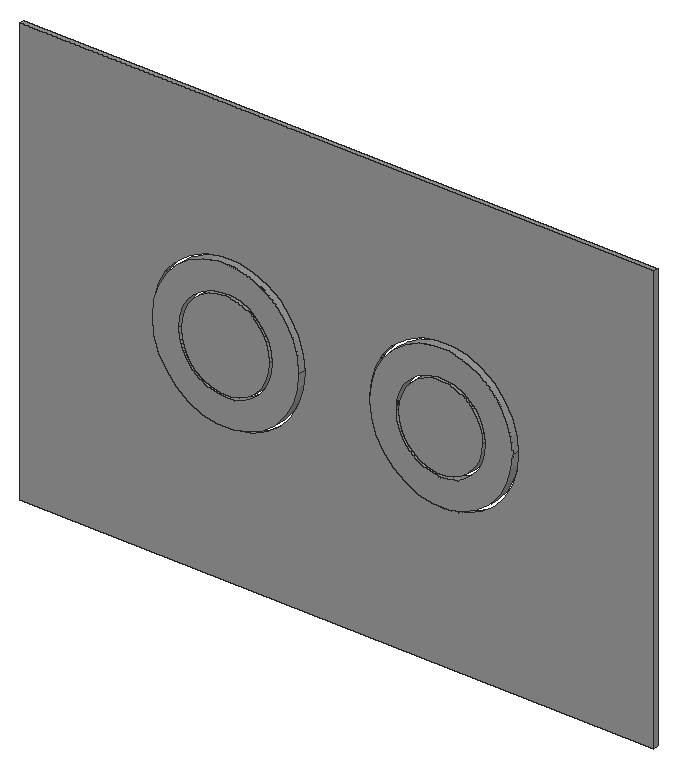
Revit family "TREND_215x145x2", category Plumbing Fixtures, Revit 2018
Family settings
  Round Connector Dimension = Use Diameter
  Part Type = Normal
  OmniClass Number = 23.45.00.00
  OmniClass Title = Sanitary, Laundry, and Cleaning Equipment
  Work Plane-Based = Yes
  Always vertical = Yes
  Cut with Voids When Loaded = No
  Shared = No
  Room Calculation Point = No
Parameters (values of type "Mécanique_Inox Brossé")
  aux [instance] = if(FRAME_OLI, 0.0 mm, 1000.0 mm)  # 1000.0 mm
  VERTICAL = yes
  URL = "https://www.regiplast.fr/blog/articles/plaques-de-commande/"
  Product data url = "https://www.regiplast.fr/blog/articles/plaques-de-commande/"
  Model = CONTROL_Model  # "TREND "
  Manufacturer = ""
  HORIZONTAL = no
  FRAME_OLI [instance] = no
  Description = CONTROL_Brief description  # "Plaque de commande en inox chromé"
  Default Elevation = 1219.2 mm
  CONTROL_Width = 17.0 mm
  CONTROL_Vandal-proof = "Oui"  # constant formula
  CONTROL_Type/function = "Plaque de Commande pour réservoir à encastrer"  # constant formula
  CONTROL_Type of flush = "Double-Débit"  # constant formula
  OLI_Material [instance] = Inox Brossé
  CONTROL_Product data url = "https://www.regiplast.fr/blog/articles/plaques-de-commande/"
  CONTROL_Model code/ref = "1626IB"
  CONTROL_Model Series = "Inox Brossé"
  CONTROL_Model = "TREND "  # constant formula
  CONTROL_Material = "Zamac chromée Mate"
  CONTROL_Length = 243.0 mm
  CONTROL_Installation instructions = "http://www.oli-world.com/download.php?fo=1586&l=en&key=a5690fd0da05cedf93a5bb9c39fb89ac"
  CONTROL_Height = 163.0 mm
  CONTROL_Brief description = "Plaque de commande en inox chromé"  # constant formula
  CONTROL_Actuation type = "Mécanique"
  BIM object developer = "www.concepsysbim.com"
Types (2, lengths in mm): name | CONTROL_Width | OLI_Material | CONTROL_Model code/ref | CONTROL_Model Series | CONTROL_Material | CONTROL_Length | CONTROL_Installation instructions | CONTROL_Height | CONTROL_Actuation type
  Pneumatique_Inox chromé | 2.0 | Inox chromé | "1626IC" | "Inox chromé" | "Inox brossé" | 215.0 | "http://www.oli-world.com/download.php?fo=1585&l=en&key=3bffe70b8bc716f3ae386a1322109819" | 145.0 | "Pneumatique"
  Mécanique_Inox Brossé | 17.0 | Inox Brossé | "1626IB" | "Inox Brossé" | "Zamac chromée Mate" | 243.0 | "http://www.oli-world.com/download.php?fo=1586&l=en&key=a5690fd0da05cedf93a5bb9c39fb89ac" | 163.0 | "Mécanique"
Reference planes
  plane 1 "Center (Front/Back)": y = 0
  plane 2: z = 0
  plane 3 "Center (Left/Right)": x = 0
  plane 4: y = -17
  plane 5: z = 1000
Dimensions and locks
  "CONTROL_Width": plane 1 "Center (Front/Back)" to plane 4
  aligned and locked: level to plane 2
Nested families
  nested 1: "aux" at (0, 0, 0), VERTICAL <- "VERTICAL", HORIZONTAL <- "HORIZONTAL", type "MECHANICAL1"
    with aux 90.00°, VERTICAL yes, HORIZONTAL no
Definition of nested family "aux"
  Parameters (values of type "MECHANICAL1")
    oli = aux_1 : OLI_Pneumatic_Polished stainless steel
    aux [instance] = if(HORIZONTAL, 180.00°, 90.00°)  # 90.00°
    VERTICAL [instance] = yes
    M = none
    Height = if(FRAME_OLI, 0.0 mm, 1000.0 mm)  # 1000.0 mm
    HORIZONTAL [instance] = no
    FRAME_OLI = no
  Reference planes
    plane 1 "Center (Front/Back)": y = 0
    plane 2: z = 1000
    plane 3 "Center (Left/Right)": x = 0
    plane 4: z = 1000
  Lines and regions (mm)
    reference lines, not visible
      curve 1: line (0, 0, 1000) -> (0, -1280, 1000)
      curve 2: line (0, 0, 1000) -> (0, 0, -30.447)
      curve 3: line (0, 0, 1000) -> (0, 0, 1960)
    reference lines
      curve 4: line (0, 0, 1000) -> (0, -640, 1000)
  Dimensions and locks
    curve 3 to nested 1 = 0.0 mm
    "Height": curve 1 to level
    "Height": plane 4 to level
    locked: curve 4 to curve 3 (angle 90.00°)
    "aux": angle curve 1 to curve 3
    aligned and locked: plane 3 "Center (Left/Right)" to nested 1
    aligned and locked: plane 4 to plane 2
    aligned and locked: curve 1 to plane 4
  Automatic sketch dimensions
    curve 2 to plane 1 "Center (Front/Back)" = 0.0 mm
    curve 2 to level = 30.447 mm
  Nested families
    nested 1: "aux_1" at (0, 0, 1000), type <- "oli", OLI_Material <- "M", type "OLI_Pneumatic_Polished stainless steel"
      with OLI_Material none
  Definition of nested family "aux_1"
    Parameters (values of type "OLI_Pneumatic_Polished stainless steel")
      URL = ""
      Support email = ""
      Product data url = ""
      Model = ""
      Manufacturer = ""
      Description = ""
      OLI_Material [instance] = none
      Default Elevation = 1219.2 mm
      CONTROL_Brief description = "Dictating the rules of style"  # constant formula
    Types (2): name
      OLI_Pneumatic_Polished stainless steel
      OLI_Pneumatic_Brushed Stainless Steel
    Reference planes
      plane 1 "Center (Front/Back)": y = 0
      plane 2: z = 0
      plane 3 "Center (Left/Right)": x = 0
      plane 4: y = -2
      plane 5: x = 115
      plane 6: x = -100
      plane 7: z = -72.524
      plane 8: z = 0
    Forms (mm)
      Extrusion 1, solid, material <- "OLI_Material"
        sketch origin (0, 0, 2.427) x (1, 0, 0) y (0, 0, 1)
          loop
            line (-100, 70) -> (-100, -74.951) -> (115, -74.951) -> (115, 70) -> (-100, 70)
          loop
            circle (-29, -2.5) r 25.875
          loop
            circle (44, -1.75) r 25.25
        from 0 to 1.5
      Extrusion 2, solid, material <- "OLI_Material"
        sketch origin (0, 0, 2.427) x (1, 0, 0) y (0, 0, 1)
          loop
            circle (-29, -2.5) r 15
          loop
            circle (44, -1.75) r 14.25
          loop
            circle (-29, -2.5) r 15.924
          loop
            circle (-29, -2.5) r 24.881
          loop
            circle (44, -1.75) r 15.192
          loop
            circle (44, -1.75) r 24.14
        from 0 to 3
      Extrusion 3, solid, material <- "OLI_Material", not visible
        sketch origin (0, 0, 1002.476) x (1, 0, 0) y (0, 0, 1)
          loop
            line (-100, 70) -> (-100, -74.951) -> (115, -74.951) -> (115, 70) -> (-100, 70)
          loop
            circle (-29, -2.5) r 25.875
          loop
            circle (44, -1.75) r 25.25
        from 0 to 1.5
      Extrusion 4, solid, material <- "OLI_Material", not visible
        sketch origin (0, 0, 1002.476) x (1, 0, 0) y (0, 0, 1)
          loop
            circle (-29, -2.5) r 15
          loop
            circle (44, -1.75) r 14.25
          loop
            circle (-29, -2.5) r 15.924
          loop
            circle (-29, -2.5) r 24.881
          loop
            circle (44, -1.75) r 15.192
          loop
            circle (44, -1.75) r 24.14
        from 0 to 3
    Dimensions and locks
      plane 1 "Center (Front/Back)" to plane 4 = 2.0 mm
      plane 6 to plane 5 = 215.0 mm
      plane 8 to level = 0.0 mm
      locked: plane 8 to plane 7 at 72.524
      aligned and locked: level to plane 2
      aligned and locked: plane 7 to Extrusion 1
